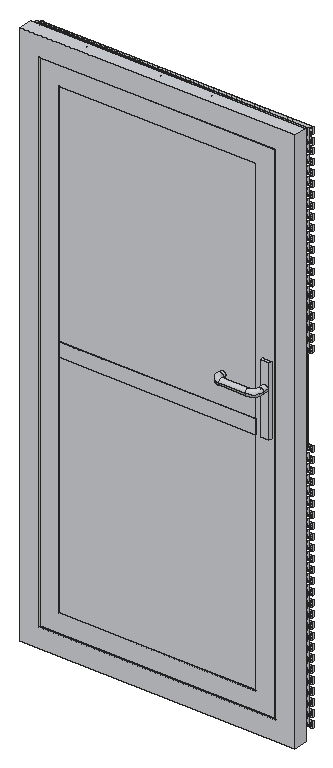
Revit family "NLRS_31_DO_WB_HF40-25 enkele deur-AV_jazo_jazo", category Doors, host Wall, Revit 2020
Family settings
  Host = Wall
  OmniClass Number = 23.30.10.00
  OmniClass Title = Doors
  Always vertical = Yes
  Cut with Voids When Loaded = No
  Shared = No
  Room Calculation Point = No
Parameters (values of type "TYPE CATALOG")
  URL = "www.jazo.com"
  Thickness = if(JAZO_C_forster presto kozijn, 50 mm, if(JAZO_C_aluminium kozijn, 60 mm, 50 mm))  # 50 mm
  Rough Width = NLRS_C_breedte_01  # 1010 mm
  Rough Height = NLRS_C_hoogte_01  # 2010 mm
  Operation = ""
  Negge = 41 mm
  NLRS_C_zelfsluitend = no
  NLRS_C_weerstandsklasse = "Voor specificaties of mogelijkheden, neem contact op."  # constant formula
  NLRS_C_vluchtroute = "Voor specificaties of mogelijkheden, neem contact op."  # constant formula
  NLRS_C_stelruimte = if(NLRS_C_brandwerend, 10 mm, 5 mm)  # 5 mm
  NLRS_C_rookwerendheid = "Voor specificaties of mogelijkheden, neem contact op."  # constant formula
  NLRS_C_offset_02 = if(JAZO_C_calculatie_03 < 0 mm, JAZO_C_calculatie_03 - ((NLRS_C_aantal_02 - 17) * 36 mm), NLRS_C_offset_01)  # 26.7 mm
  NLRS_C_offset_01 = if(JAZO_C_calculatie_03 > 0 mm, JAZO_C_calculatie_03 - ((NLRS_C_aantal_01 - 2) * 36 mm), 0 mm)  # 26.7 mm
  NLRS_C_offset = Negge  # 41 mm
  NLRS_C_merk = "Voor specificaties of mogelijkheden, neem contact op."  # constant formula
  NLRS_C_leverancier_url = "www.jazo.com"  # constant formula
  NLRS_C_leverancier_telefoonnummer = "+31 316 - 59 29 11"  # constant formula
  NLRS_C_leverancier_postcode = "6905 DJ"  # constant formula
  NLRS_C_leverancier_plaats = "Zevenaar"  # constant formula
  NLRS_C_leverancier_email = "info@jazo.com"  # constant formula
  NLRS_C_leverancier_bedrijfsnaam = "JAZO Zevenaar bv"  # constant formula
  NLRS_C_leverancier_adres = "Handelsdwarsstraat 10"  # constant formula
  NLRS_C_lengte_02 = if(JAZO_C_calculatie_02 < (17 * 36 mm), JAZO_C_calculatie_02, (17 * 36 mm))  # 612 mm
  NLRS_C_lengte_01 = if(JAZO_C_calculatie_01 > (2 * 36 mm), JAZO_C_calculatie_01, (2 * 36 mm))  # 134.7 mm
  NLRS_C_inbraakwerend = no
  NLRS_C_hoogte_min = if(JAZO_C_forster presto kozijn, if(and(NLRS_C_brandwerend, NLRS_C_inbraakwerend), 2050 mm, if(NLRS_C_inbraakwerend, 2050 mm, if(NLRS_C_brandwerend, 2000 mm, 1850 mm))), if(JAZO_C_aluminium kozijn, 1850 mm, 1850 mm))  # 1850 mm
  NLRS_C_hoogte_max = if(JAZO_C_forster presto kozijn, if(NLRS_C_inbraakwerend, 2640 mm, 3000 mm), if(JAZO_C_aluminium kozijn, if(NLRS_C_inbraakwerend, 2645 mm, 3200 mm), 2000 mm))  # 3000 mm
  NLRS_C_hoogte_01 = NLRS_C_hoogte + (NLRS_C_stelruimte * 2)  # 2010 mm
  NLRS_C_hoogte = if(Height < NLRS_C_hoogte_min, NLRS_C_hoogte_min, if(Height > NLRS_C_hoogte_max, NLRS_C_hoogte_max, Height))  # 2000 mm
  NLRS_C_geluidwering Rw = "Voor specificaties of mogelijkheden, neem contact op."  # constant formula
  NLRS_C_diepte_02 = if(JAZO_C_forster presto kozijn, 50 mm, 30 mm)  # 50 mm
  NLRS_C_diepte_01 = if(JAZO_C_forster presto kozijn, 91 mm, 101 mm)  # 91 mm
  NLRS_C_diepte = Thickness  # 50 mm
  NLRS_C_content_versie = "2.5"  # constant formula
  NLRS_C_content_revit versie = "REVIT 2020.2"  # constant formula
  NLRS_C_content_provider = "JAZO Zevenaar bv"  # constant formula
  NLRS_C_content_datum uitgifte = "17-8-2022"  # constant formula
  NLRS_C_content_datum gewijzigd = "7-11-2022"  # constant formula
  NLRS_C_content_creator = "JAZO Zevenaar bv"  # constant formula
  NLRS_C_breedte_min = 850 mm  # constant formula
  NLRS_C_breedte_max = if(JAZO_C_forster presto kozijn, if(NLRS_C_inbraakwerend, 1440 mm, 1500 mm), if(JAZO_C_aluminium kozijn, if(NLRS_C_inbraakwerend, 1661 mm, 1400 mm), 1000 mm))  # 1500 mm
  NLRS_C_breedte_01 = NLRS_C_breedte + NLRS_C_stelruimte * 2  # 1010 mm
  NLRS_C_breedte = if(Width < NLRS_C_breedte_min, NLRS_C_breedte_min, if(Width > NLRS_C_breedte_max, NLRS_C_breedte_max, Width))  # 1000 mm
  NLRS_C_brandwerend = no
  NLRS_C_aantal_02 = if(NLRS_C_hoogte < 1945.3 mm, rounddown(JAZO_C_calculatie_02 / 36 mm), 17)  # 17
  NLRS_C_aantal_01 = if(NLRS_C_hoogte > 1945.3 mm, rounddown(JAZO_C_calculatie_01 / 36 mm), 2)  # 3
  Model = "HF40-25 enkele deur"  # constant formula
  Manufacturer = "JAZO Zevenaar bv"  # constant formula
  MIN WIDTH = NLRS_C_breedte_min  # 850 mm
  MIN HEIGHT = NLRS_C_hoogte_min  # 1850 mm
  MAX WIDTH = NLRS_C_breedte_max  # 1500 mm
  MAX HEIGHT = NLRS_C_hoogte_max  # 3000 mm
  JAZO_C_ventilerend = no
  JAZO_C_paniekfunctie = no
  JAZO_C_opbouwrooster HF40 25 = if(or(JAZO_C_aluminium kozijn, JAZO_C_forster presto kozijn), 1 < 2, 2 < 1)  # yes
  JAZO_C_niet ventilerend = yes
  JAZO_C_materiaal schoep = none
  JAZO_C_materiaal scharnier = none
  JAZO_C_materiaal forster presto sandwichpaneel = none
  JAZO_C_materiaal forster presto kozijn = none
  JAZO_C_materiaal forster presto deurprofiel = none
  JAZO_C_materiaal beslag = none
  JAZO_C_materiaal aluminium planken = none
  JAZO_C_materiaal aluminium kozijn = none
  JAZO_C_forster presto kozijn = yes
  JAZO_C_dagmaat hoogte = if(JAZO_C_forster presto kozijn, NLRS_C_hoogte - 70 mm - 70 mm, if(JAZO_C_aluminium kozijn, NLRS_C_hoogte - 52 mm - 52 mm, 0 mm))  # 1860 mm
  JAZO_C_dagmaat breedte = if(JAZO_C_forster presto kozijn, NLRS_C_breedte - 70 mm - 70 mm, if(JAZO_C_aluminium kozijn, NLRS_C_breedte - 52 mm - 52 mm, 0 mm))  # 860 mm
  JAZO_C_calculatie_03 = (NLRS_C_hoogte - JAZO_C_calculatie_01 - JAZO_C_calculatie_02 - 51.2 mm - 36 mm - 216 mm - 216 mm - 108 mm - 324 mm - 216 mm - 72 mm - 22.1 mm + 8 mm) * -1  # 62.7 mm
  JAZO_C_calculatie_02 = NLRS_C_hoogte - (2 mm * 36) - 51.2 mm - 36 mm - 216 mm - 216 mm - 108 mm - 324 mm - 216 mm - 72 mm - 22.1 mm + 8 mm  # 674.7 mm
  JAZO_C_calculatie_01 = NLRS_C_hoogte - (17 mm * 36) - 51.2 mm - 36 mm - 216 mm - 216 mm - 108 mm - 324 mm - 216 mm - 72 mm - 22.1 mm + 8 mm  # 134.7 mm
  JAZO_C_aluminium kozijn = no
  Function = Exterior
  Height = 2000 mm
  Wall Closure = By host
  Width = 1000 mm
  Description = "HF40-25 enkele deur"  # constant formula
  Define Thermal Properties by = User Defined
  Construction Type = "Voor specificaties of mogelijkheden, neem contact op."  # constant formula
  Assembly Code = "23.30.10.00"
  Analytic Construction = "<None>"
Reference planes
  plane 1 "Center (Front/Back)": y = 0
  plane 2 "Center (Left/Right)": x = 0
  plane 3 "Left": x = -500
  plane 4 "Right": x = 500
  plane 5 "Top": z = 2005
  plane 6 "Exterior": y = 75
  plane 7 "Interior": y = -75
  plane 8 "stelruimte r": x = 505
  plane 9 "stelruimte l": x = -505
  plane 10 "stelruimte b": z = 2010
  plane 11 "stelruimte o": z = 5
  plane 12 "center kozijn": y = 9
  plane 13 "Center": z = 1005
  plane 14 "voorkant kozijn": y = 34
  plane 15 "achterkant kozijn": y = -16
  plane 16 "start_schoep": z = 1998.2
  plane 17 "sectie 2": z = 1695
  plane 18 "sectie 3": z = 1560.3
  plane 19 "sectie 4": z = 1344.3
  plane 20 "sectie 5": z = 1236.3
  plane 21 "sectie 6": z = 912.3
  plane 22 "sectie 7": z = 300.3
  plane 23 "sectie 8": z = 84.3
  plane 24 "sectie 9": z = 12.3
  plane 25 "sectie 1A": z = 1947
  plane 26 "offset sectie 3": z = 1587
  plane 27 "offset sectie 4": z = 1371
  plane 28 "offset sectie 5": z = 1263
  plane 29 "offset sectie 6": z = 939
  plane 30 "offset sectie 7": z = 327
  plane 31 "offset sectie 8": z = 111
  plane 32 "voorkant schoep": y = 75
  plane 33 "center kozijn + schoep": y = 29.5
  plane 34 "sectie 1": z = 1911
Lines and regions (mm)
  Opening 1
    outline origin (-3161.91, -75, 0) x (1, 0, 0) y (0, 0, 1)
      loop
        line (2656.91, 0) -> (3666.91, 0) -> (3666.91, 2010) -> (2656.91, 2010) -> (2656.91, 0)
  symbolic lines, style "Swing Elevation"
    curve 1: line (500, -75, 1005) -> (-500, -75, 2005)
    curve 2: line (500, -75, 1005) -> (-500, -75, 0)
Text (mm)
  text "Exterior" at (-2295.016, 1099.543, 0), in view "Ref. Level"
  text "Exterior" at (0, 1615.38, 3698.081), in view "Left"
  text "Exterior" at (0, 1036.032, 3874.932), in view "Right"
Dimensions and locks
  equal spacing: plane 9 "stelruimte l", plane 2 "Center (Left/Right)", plane 8 "stelruimte r"
  "NLRS_C_breedte": plane 3 "Left" to plane 4 "Right"
  "NLRS_C_hoogte": plane 5 "Top" to plane 11 "stelruimte o"
  "NLRS_C_hoogte_01": host wall to plane 10 "stelruimte b"
  locked: plane 6 "Exterior" to host wall
  locked: plane 7 "Interior" to host wall
  "NLRS_C_breedte_01": plane 9 "stelruimte l" to plane 8 "stelruimte r"
  equal spacing: plane 3 "Left", plane 2 "Center (Left/Right)", plane 4 "Right"
  equal spacing: plane 11 "stelruimte o", plane 13 "Center", plane 5 "Top"
  "NLRS_C_stelruimte": level to plane 11 "stelruimte o"
  locked: plane 16 "start_schoep" to plane 5 "Top" at 6.8
  locked: plane 25 "sectie 1A" to plane 16 "start_schoep" at 51.2
  locked: plane 17 "sectie 2" to plane 34 "sectie 1" at 216
  "NLRS_C_lengte_01": plane 18 "sectie 3" to plane 17 "sectie 2"
  locked: plane 19 "sectie 4" to plane 18 "sectie 3" at 216
  locked: plane 20 "sectie 5" to plane 19 "sectie 4" at 108
  locked: plane 21 "sectie 6" to plane 20 "sectie 5" at 324
  "NLRS_C_lengte_02": plane 22 "sectie 7" to plane 21 "sectie 6"
  locked: plane 23 "sectie 8" to plane 22 "sectie 7" at 216
  locked: plane 24 "sectie 9" to plane 23 "sectie 8" at 72
  "NLRS_C_offset_01": plane 18 "sectie 3" to plane 26 "offset sectie 3"
  "NLRS_C_offset_01": plane 19 "sectie 4" to plane 27 "offset sectie 4"
  "NLRS_C_offset_01": plane 20 "sectie 5" to plane 28 "offset sectie 5"
  "NLRS_C_offset_01": plane 21 "sectie 6" to plane 29 "offset sectie 6"
  "NLRS_C_offset_02": plane 22 "sectie 7" to plane 30 "offset sectie 7"
  "NLRS_C_offset_02": plane 23 "sectie 8" to plane 31 "offset sectie 8"
  equal spacing: plane 14 "voorkant kozijn", plane 12 "center kozijn", plane 15 "achterkant kozijn"
  "NLRS_C_diepte": plane 14 "voorkant kozijn" to plane 15 "achterkant kozijn"
  "NLRS_C_diepte_01": plane 32 "voorkant schoep" to plane 15 "achterkant kozijn"
  equal spacing: plane 32 "voorkant schoep", plane 33 "center kozijn + schoep", plane 15 "achterkant kozijn"
  "NLRS_C_offset": plane 14 "voorkant kozijn" to plane 6 "Exterior"
  locked: plane 34 "sectie 1" to plane 25 "sectie 1A" at 36
  locked: plane 17 "sectie 2" to nested 12 at 10.4
  locked: plane 27 "offset sectie 4" to nested 11 at 10.4
  locked: plane 31 "offset sectie 8" to nested 10 at 10.4
  locked: plane 31 "offset sectie 8" to nested 13 at 10.4
  locked: plane 27 "offset sectie 4" to nested 14 at 10.4
  locked: plane 17 "sectie 2" to nested 15 at 10.4
  equal spacing: group 1, group 2, group 3, group 4, group 5, group 6  (x2)
  equal spacing: group 6, group 5, group 4, group 3, group 2, group 1
  locked: plane 34 "sectie 1" to nested 19 at 36
  equal spacing: group 7, group 8, group 51  (x2)
  equal spacing: group 51, group 8, group 7
  locked: plane 17 "sectie 2" to nested 25 at 36
  equal spacing: group 9, group 10, group 11, group 12, group 13, group 14  (x2)
  equal spacing: group 14, group 13, group 12, group 11, group 10, group 9
  locked: plane 26 "offset sectie 3" to nested 27 at 36
  equal spacing: group 15, group 16, group 17  (x2)
  equal spacing: group 17, group 16, group 15
  locked: plane 27 "offset sectie 4" to nested 33 at 36
  equal spacing: group 18, group 19, group 20, group 21, group 22, group 23, group 24, group 25, group 26  (x2)
  equal spacing: group 26, group 25, group 24, group 23, group 22, group 21, group 20, group 19, group 18
  locked: plane 28 "offset sectie 5" to nested 36 at 36
  equal spacing: group 27, group 28, group 29, group 30, group 31, group 32, group 33, group 34, group 35, group 36, group 37, group 38, group 39, group 40, group 41, group 42, group 52  (x2)
  equal spacing: group 52, group 42, group 41, group 40, group 39, group 38, group 37, group 36, group 35, group 34, group 33, group 32, group 31, group 30, group 29, group 28, group 27
  locked: plane 29 "offset sectie 6" to nested 45 at 36
  equal spacing: group 43, group 44, group 45, group 46, group 47, group 48  (x2)
  equal spacing: group 48, group 47, group 46, group 45, group 44, group 43
  locked: plane 30 "offset sectie 7" to nested 61 at 36
  group 49 to group 50 = 0 mm  (x2)
  group 50 to group 49 = 36 mm
  locked: plane 31 "offset sectie 8" to nested 67 at 36
  locked: plane 29 "offset sectie 6" to nested 70 at 210.723
  aligned and locked: Opening 1 sketch curve to level
  aligned and locked: plane 1 "Center (Front/Back)" to host wall
  aligned and locked: Opening 1 sketch curve to plane 9 "stelruimte l"
  aligned and locked: plane 10 "stelruimte b" to Opening 1 sketch curve
  aligned and locked: Opening 1 sketch curve to plane 8 "stelruimte r"
  aligned and locked: plane 2 "Center (Left/Right)" to nested 1
  aligned and locked: nested 1 to plane 12 "center kozijn"
  aligned and locked: nested 1 to plane 5 "Top"
  aligned and locked: plane 2 "Center (Left/Right)" to nested 2
  aligned and locked: nested 2 to plane 12 "center kozijn"
  aligned and locked: nested 3 to plane 12 "center kozijn"
  aligned and locked: plane 2 "Center (Left/Right)" to nested 3
  aligned and locked: plane 2 "Center (Left/Right)" to nested 4
  aligned and locked: nested 4 to plane 12 "center kozijn"
  aligned and locked: nested 5 to plane 12 "center kozijn"
  aligned and locked: plane 2 "Center (Left/Right)" to nested 5
  aligned and locked: nested 3 to plane 5 "Top"
  aligned and locked: nested 5 to plane 5 "Top"
  aligned and locked: plane 2 "Center (Left/Right)" to nested 6
  aligned and locked: nested 6 to plane 33 "center kozijn + schoep"
  aligned and locked: plane 2 "Center (Left/Right)" to nested 7
  aligned and locked: nested 7 to plane 33 "center kozijn + schoep"
  aligned and locked: plane 13 "Center" to nested 4
  aligned and locked: plane 4 "Right" to nested 8
  aligned and locked: nested 8 to plane 32 "voorkant schoep"
  aligned and locked: nested 9 to plane 14 "voorkant kozijn"
  aligned and locked: nested 9 to plane 3 "Left"
  aligned and locked: nested 10 to plane 3 "Left"
  aligned and locked: nested 11 to plane 3 "Left"
  aligned and locked: nested 12 to plane 3 "Left"
  aligned and locked: plane 14 "voorkant kozijn" to nested 12
  aligned and locked: plane 14 "voorkant kozijn" to nested 11
  aligned and locked: plane 14 "voorkant kozijn" to nested 10
  aligned and locked: nested 13 to plane 3 "Left"
  aligned and locked: nested 14 to plane 3 "Left"
  aligned and locked: nested 15 to plane 3 "Left"
  aligned and locked: plane 14 "voorkant kozijn" to nested 13
  aligned and locked: plane 14 "voorkant kozijn" to nested 15
  aligned and locked: plane 14 "voorkant kozijn" to nested 14
  aligned and locked: plane 2 "Center (Left/Right)" to nested 16
  aligned and locked: plane 14 "voorkant kozijn" to nested 16
  aligned and locked: nested 16 to plane 16 "start_schoep"
  aligned and locked: plane 2 "Center (Left/Right)" to nested 17
  aligned and locked: plane 14 "voorkant kozijn" to nested 17
  aligned and locked: nested 17 to plane 25 "sectie 1A"
  aligned and locked: plane 2 "Center (Left/Right)" to nested 18
  aligned and locked: plane 14 "voorkant kozijn" to nested 18
  aligned and locked: plane 34 "sectie 1" to nested 18
  aligned and locked: plane 14 "voorkant kozijn" to nested 19
  aligned and locked: plane 2 "Center (Left/Right)" to nested 24
  aligned and locked: plane 14 "voorkant kozijn" to nested 24
  aligned and locked: nested 24 to plane 17 "sectie 2"
  aligned and locked: plane 14 "voorkant kozijn" to nested 25
  aligned and locked: plane 2 "Center (Left/Right)" to nested 26
  aligned and locked: plane 14 "voorkant kozijn" to nested 26
  aligned and locked: nested 26 to plane 26 "offset sectie 3"
  aligned and locked: plane 14 "voorkant kozijn" to nested 27
  aligned and locked: plane 2 "Center (Left/Right)" to nested 32
  aligned and locked: plane 14 "voorkant kozijn" to nested 32
  aligned and locked: nested 32 to plane 27 "offset sectie 4"
  aligned and locked: plane 14 "voorkant kozijn" to nested 33
  aligned and locked: plane 2 "Center (Left/Right)" to nested 35
  aligned and locked: plane 14 "voorkant kozijn" to nested 35
  aligned and locked: nested 35 to plane 28 "offset sectie 5"
  aligned and locked: plane 14 "voorkant kozijn" to nested 36
  aligned and locked: plane 2 "Center (Left/Right)" to nested 44
  aligned and locked: plane 14 "voorkant kozijn" to nested 44
  aligned and locked: nested 44 to plane 29 "offset sectie 6"
  aligned and locked: plane 14 "voorkant kozijn" to nested 45
  aligned and locked: plane 2 "Center (Left/Right)" to nested 60
  aligned and locked: plane 14 "voorkant kozijn" to nested 60
  aligned and locked: nested 60 to plane 30 "offset sectie 7"
  aligned and locked: plane 14 "voorkant kozijn" to nested 61
  aligned and locked: plane 2 "Center (Left/Right)" to nested 66
  aligned and locked: plane 14 "voorkant kozijn" to nested 66
  aligned and locked: nested 66 to plane 31 "offset sectie 8"
  aligned and locked: plane 14 "voorkant kozijn" to nested 67
  aligned and locked: nested 70 to plane 4 "Right"
  aligned and locked: nested 70 to plane 14 "voorkant kozijn"
  aligned and locked: nested 2 to plane 5 "Top"
  aligned and locked: nested 71 to plane 3 "Left"
  aligned and locked: nested 71 to plane 4 "Right"
  aligned and locked: plane 14 "voorkant kozijn" to nested 71
  aligned and locked: plane 2 "Center (Left/Right)" to nested 72
  aligned and locked: nested 72 to plane 33 "center kozijn + schoep"
Automatic sketch dimensions
  plane 4 "Right" to curve 2 = 0 mm
  curve 2 to level = 0 mm
  curve 2 to plane 13 "Center" = 0 mm
  plane 3 "Left" to curve 1 = 0 mm
  curve 1 to plane 5 "Top" = 0 mm
  plane 3 "Left" to curve 2 = 0 mm
Nested families
  nested 1: "NLRS_31_GM_UN_forster presto kozijn-AV" at (0, 9, 5), type "forster presto kozijn"
    with NLRS_C_breedte 1000 mm
  nested 2: "NLRS_31_GM_UN_aluminium kozijn-AV" at (0, 9, 5), type "aluminium kozijn"
  nested 3: "NLRS_31_GM_UN_forster presto deurprofiel-AV" at (0, 9, 5), type "forster presto deurprofiel"
  nested 4: "NLRS_31_GM_UN_forster presto sandwichpaneel opbouwroosters-AV" at (0, 9, 5), type "forster presto sandiwchpaneel opbouwroosters"
    with NLRS_C_zichtbaar_02 no, NLRS_C_breedte_01 720 mm, NLRS_C_breedte 1000 mm, NLRS_C_brandwerend no, JAZO_C_ventilerend no, JAZO_C_niet ventilerend yes
  nested 5: "NLRS_31_GM_UN_aluminium planken opbouwroosters-AV" at (0, 24.008, 5), type "aluminium planken"
    with NLRS_C_zichtbaar_01 no, NLRS_C_hoogte_04 759.5 mm, NLRS_C_hoogte_03 755.5 mm, NLRS_C_hoogte_02 1930 mm, NLRS_C_hoogte 2000 mm, NLRS_C_breedte_03 742 mm, NLRS_C_breedte_02 753 mm, NLRS_C_breedte_01 952 mm, NLRS_C_breedte 1000 mm, NLRS_C_aantal_02 38, NLRS_C_aantal_01 38, JAZO_C_aluminium kozijn no
  nested 6: "NLRS_31_DI_UN_markering" at (0, 29.5, 0), type "markering"
  nested 7: "NLRS_31_GA_UN_error message" at (0, 29.5, 0), type "error message"
    with NLRS_C_zichtbaar_10 no, NLRS_C_zichtbaar_05 no, NLRS_C_hoogte_max 3000 mm, NLRS_C_hoogte 2000 mm, NLRS_C_breedte_max 1500 mm, NLRS_C_brandwerend no, JAZO_C_aluminium kozijn no
  nested 8: "NLRS_31_DI_UN_beslagbak detail HS27R" at (401, 75, 0), type "beslagbak detail HS27R"
  nested 9: "NLRS_31_DI_UN_scharnier detail HS27R" at (-500, 34, 0), type "scharnier detail HS27R"
    with JAZO_C_forster presto kozijn yes, JAZO_C_aluminium kozijn no
  nested 10: "NLRS_31_GM_UN_scharnier staal HS27R-AV" at (-480, 68, 121.4), type "scharnier staal HS27R"
  nested 11: "NLRS_31_GM_UN_scharnier staal HS27R-AV" at (-480, 68, 1381.4), type "scharnier staal HS27R"
  nested 12: "NLRS_31_GM_UN_scharnier staal HS27R-AV" at (-480, 68, 1705.4), type "scharnier staal HS27R"
  nested 13: "NLRS_31_GM_UN_scharnier aluminium HS27R-AV" at (-480, 75.5, 121.4), type "scharnier aluminium HS27R"
    with JAZO_C_aluminium kozijn no
  nested 14: "NLRS_31_GM_UN_scharnier aluminium HS27R-AV" at (-480, 75.5, 1381.4), type "scharnier aluminium HS27R"
    with JAZO_C_aluminium kozijn no
  nested 15: "NLRS_31_GM_UN_scharnier aluminium HS27R-AV" at (-480, 75.5, 1705.4), type "scharnier aluminium HS27R"
    with JAZO_C_aluminium kozijn no
  nested 16: "NLRS_31_GM_UN_HF40-45 start schoep-AV" at (0, 60, 1931.753), NLRS_C_breedte <- "NLRS_C_breedte", type "HF40-45 start schoep"
    with NLRS_C_breedte 1000 mm
  nested 17: "NLRS_31_GM_UN_HF40-45 schoep-AV" at (0, 60, 1903.653), NLRS_C_breedte <- "NLRS_C_breedte", type "HF40-45 schoep"
    with NLRS_C_breedte 1000 mm
  nested 18: "NLRS_31_GM_UN_HF40-45 scharnier schoep-AV" at (0, 60, 1867.653), NLRS_C_breedte <- "NLRS_C_breedte", type "HF40-45 scharnier schoep"
    with NLRS_C_breedte 1000 mm
  nested 19: "NLRS_31_GM_UN_HF40-45 scharnier schoep-AV" at (0, 60, 1831.653), NLRS_C_breedte <- "NLRS_C_breedte", type "HF40-45 scharnier schoep"
    with NLRS_C_breedte 1000 mm
  nested 20: "NLRS_31_GM_UN_HF40-45 scharnier schoep-AV" at (0, 60, 1795.653), NLRS_C_breedte <- "NLRS_C_breedte", type "HF40-45 scharnier schoep"
    with NLRS_C_breedte 1000 mm
  nested 21: "NLRS_31_GM_UN_HF40-45 scharnier schoep-AV" at (0, 60, 1759.653), NLRS_C_breedte <- "NLRS_C_breedte", type "HF40-45 scharnier schoep"
    with NLRS_C_breedte 1000 mm
  nested 22: "NLRS_31_GM_UN_HF40-45 scharnier schoep-AV" at (0, 60, 1723.653), NLRS_C_breedte <- "NLRS_C_breedte", type "HF40-45 scharnier schoep"
    with NLRS_C_breedte 1000 mm
  nested 23: "NLRS_31_GM_UN_HF40-45 scharnier schoep-AV" at (0, 60, 1687.653), NLRS_C_breedte <- "NLRS_C_breedte", type "HF40-45 scharnier schoep"
    with NLRS_C_breedte 1000 mm
  nested 24: "NLRS_31_GM_UN_HF40-45 schoep-AV" at (0, 60, 1651.653), NLRS_C_breedte <- "NLRS_C_breedte", type "HF40-45 schoep"
    with NLRS_C_breedte 1000 mm
  nested 25: "NLRS_31_GM_UN_HF40-45 schoep-AV" at (0, 60, 1615.653), NLRS_C_breedte <- "NLRS_C_breedte", type "HF40-45 schoep"
    with NLRS_C_breedte 1000 mm
  nested 26: "NLRS_31_GM_UN_HF40-45 scharnier schoep-AV" at (0, 60, 1543.653), NLRS_C_breedte <- "NLRS_C_breedte", type "HF40-45 scharnier schoep"
    with NLRS_C_breedte 1000 mm
  nested 27: "NLRS_31_GM_UN_HF40-45 scharnier schoep-AV" at (0, 60, 1507.653), NLRS_C_breedte <- "NLRS_C_breedte", type "HF40-45 scharnier schoep"
    with NLRS_C_breedte 1000 mm
  nested 28: "NLRS_31_GM_UN_HF40-45 scharnier schoep-AV" at (0, 60, 1471.653), NLRS_C_breedte <- "NLRS_C_breedte", type "HF40-45 scharnier schoep"
    with NLRS_C_breedte 1000 mm
  nested 29: "NLRS_31_GM_UN_HF40-45 scharnier schoep-AV" at (0, 60, 1435.653), NLRS_C_breedte <- "NLRS_C_breedte", type "HF40-45 scharnier schoep"
    with NLRS_C_breedte 1000 mm
  nested 30: "NLRS_31_GM_UN_HF40-45 scharnier schoep-AV" at (0, 60, 1399.653), NLRS_C_breedte <- "NLRS_C_breedte", type "HF40-45 scharnier schoep"
    with NLRS_C_breedte 1000 mm
  nested 31: "NLRS_31_GM_UN_HF40-45 scharnier schoep-AV" at (0, 60, 1363.653), NLRS_C_breedte <- "NLRS_C_breedte", type "HF40-45 scharnier schoep"
    with NLRS_C_breedte 1000 mm
  nested 32: "NLRS_31_GM_UN_HF40-45 schoep-AV" at (0, 60, 1327.653), NLRS_C_breedte <- "NLRS_C_breedte", type "HF40-45 schoep"
    with NLRS_C_breedte 1000 mm
  nested 33: "NLRS_31_GM_UN_HF40-45 schoep-AV" at (0, 60, 1291.653), NLRS_C_breedte <- "NLRS_C_breedte", type "HF40-45 schoep"
    with NLRS_C_breedte 1000 mm
  nested 34: "NLRS_31_GM_UN_HF40-45 schoep-AV" at (0, 60, 1255.653), NLRS_C_breedte <- "NLRS_C_breedte", type "HF40-45 schoep"
    with NLRS_C_breedte 1000 mm
  nested 35: "NLRS_31_GM_UN_HF40-45 beslag schoep-AV" at (0, 60, 1219.653), NLRS_C_breedte <- "NLRS_C_breedte", type "HF40-45 beslag schoep"
    with NLRS_C_breedte 1000 mm
  nested 36: "NLRS_31_GM_UN_HF40-45 beslag schoep-AV" at (0, 60, 1183.653), NLRS_C_breedte <- "NLRS_C_breedte", type "HF40-45 beslag schoep"
    with NLRS_C_breedte 1000 mm
  nested 37: "NLRS_31_GM_UN_HF40-45 beslag schoep-AV" at (0, 60, 1147.653), NLRS_C_breedte <- "NLRS_C_breedte", type "HF40-45 beslag schoep"
    with NLRS_C_breedte 1000 mm
  nested 38: "NLRS_31_GM_UN_HF40-45 beslag schoep-AV" at (0, 60, 1111.653), NLRS_C_breedte <- "NLRS_C_breedte", type "HF40-45 beslag schoep"
    with NLRS_C_breedte 1000 mm
  nested 39: "NLRS_31_GM_UN_HF40-45 beslag schoep-AV" at (0, 60, 1075.653), NLRS_C_breedte <- "NLRS_C_breedte", type "HF40-45 beslag schoep"
    with NLRS_C_breedte 1000 mm
  nested 40: "NLRS_31_GM_UN_HF40-45 beslag schoep-AV" at (0, 60, 1039.653), NLRS_C_breedte <- "NLRS_C_breedte", type "HF40-45 beslag schoep"
    with NLRS_C_breedte 1000 mm
  nested 41: "NLRS_31_GM_UN_HF40-45 beslag schoep-AV" at (0, 60, 1003.653), NLRS_C_breedte <- "NLRS_C_breedte", type "HF40-45 beslag schoep"
    with NLRS_C_breedte 1000 mm
  nested 42: "NLRS_31_GM_UN_HF40-45 beslag schoep-AV" at (0, 60, 967.653), NLRS_C_breedte <- "NLRS_C_breedte", type "HF40-45 beslag schoep"
    with NLRS_C_breedte 1000 mm
  nested 43: "NLRS_31_GM_UN_HF40-45 beslag schoep-AV" at (0, 60, 931.653), NLRS_C_breedte <- "NLRS_C_breedte", type "HF40-45 beslag schoep"
    with NLRS_C_breedte 1000 mm
  nested 44: "NLRS_31_GM_UN_HF40-45 schoep-AV" at (0, 60, 895.653), NLRS_C_breedte <- "NLRS_C_breedte", type "HF40-45 schoep"
    with NLRS_C_breedte 1000 mm
  nested 45: "NLRS_31_GM_UN_HF40-45 schoep-AV" at (0, 60, 859.653), NLRS_C_breedte <- "NLRS_C_breedte", type "HF40-45 schoep"
    with NLRS_C_breedte 1000 mm
  nested 46: "NLRS_31_GM_UN_HF40-45 schoep-AV" at (0, 60, 823.653), NLRS_C_breedte <- "NLRS_C_breedte", type "HF40-45 schoep"
    with NLRS_C_breedte 1000 mm
  nested 47: "NLRS_31_GM_UN_HF40-45 schoep-AV" at (0, 60, 787.653), NLRS_C_breedte <- "NLRS_C_breedte", type "HF40-45 schoep"
    with NLRS_C_breedte 1000 mm
  nested 48: "NLRS_31_GM_UN_HF40-45 schoep-AV" at (0, 60, 751.653), NLRS_C_breedte <- "NLRS_C_breedte", type "HF40-45 schoep"
    with NLRS_C_breedte 1000 mm
  nested 49: "NLRS_31_GM_UN_HF40-45 schoep-AV" at (0, 60, 715.653), NLRS_C_breedte <- "NLRS_C_breedte", type "HF40-45 schoep"
    with NLRS_C_breedte 1000 mm
  nested 50: "NLRS_31_GM_UN_HF40-45 schoep-AV" at (0, 60, 679.653), NLRS_C_breedte <- "NLRS_C_breedte", type "HF40-45 schoep"
    with NLRS_C_breedte 1000 mm
  nested 51: "NLRS_31_GM_UN_HF40-45 schoep-AV" at (0, 60, 643.653), NLRS_C_breedte <- "NLRS_C_breedte", type "HF40-45 schoep"
    with NLRS_C_breedte 1000 mm
  nested 52: "NLRS_31_GM_UN_HF40-45 schoep-AV" at (0, 60, 607.653), NLRS_C_breedte <- "NLRS_C_breedte", type "HF40-45 schoep"
    with NLRS_C_breedte 1000 mm
  nested 53: "NLRS_31_GM_UN_HF40-45 schoep-AV" at (0, 60, 571.653), NLRS_C_breedte <- "NLRS_C_breedte", type "HF40-45 schoep"
    with NLRS_C_breedte 1000 mm
  nested 54: "NLRS_31_GM_UN_HF40-45 schoep-AV" at (0, 60, 535.653), NLRS_C_breedte <- "NLRS_C_breedte", type "HF40-45 schoep"
    with NLRS_C_breedte 1000 mm
  nested 55: "NLRS_31_GM_UN_HF40-45 schoep-AV" at (0, 60, 499.653), NLRS_C_breedte <- "NLRS_C_breedte", type "HF40-45 schoep"
    with NLRS_C_breedte 1000 mm
  nested 56: "NLRS_31_GM_UN_HF40-45 schoep-AV" at (0, 60, 463.653), NLRS_C_breedte <- "NLRS_C_breedte", type "HF40-45 schoep"
    with NLRS_C_breedte 1000 mm
  nested 57: "NLRS_31_GM_UN_HF40-45 schoep-AV" at (0, 60, 427.653), NLRS_C_breedte <- "NLRS_C_breedte", type "HF40-45 schoep"
    with NLRS_C_breedte 1000 mm
  nested 58: "NLRS_31_GM_UN_HF40-45 schoep-AV" at (0, 60, 391.653), NLRS_C_breedte <- "NLRS_C_breedte", type "HF40-45 schoep"
    with NLRS_C_breedte 1000 mm
  nested 59: "NLRS_31_GM_UN_HF40-45 schoep-AV" at (0, 60, 355.653), NLRS_C_breedte <- "NLRS_C_breedte", type "HF40-45 schoep"
    with NLRS_C_breedte 1000 mm
  nested 60: "NLRS_31_GM_UN_HF40-45 scharnier schoep-AV" at (0, 60, 283.653), NLRS_C_breedte <- "NLRS_C_breedte", type "HF40-45 scharnier schoep"
    with NLRS_C_breedte 1000 mm
  nested 61: "NLRS_31_GM_UN_HF40-45 scharnier schoep-AV" at (0, 60, 247.653), NLRS_C_breedte <- "NLRS_C_breedte", type "HF40-45 scharnier schoep"
    with NLRS_C_breedte 1000 mm
  nested 62: "NLRS_31_GM_UN_HF40-45 scharnier schoep-AV" at (0, 60, 211.653), NLRS_C_breedte <- "NLRS_C_breedte", type "HF40-45 scharnier schoep"
    with NLRS_C_breedte 1000 mm
  nested 63: "NLRS_31_GM_UN_HF40-45 scharnier schoep-AV" at (0, 60, 175.653), NLRS_C_breedte <- "NLRS_C_breedte", type "HF40-45 scharnier schoep"
    with NLRS_C_breedte 1000 mm
  nested 64: "NLRS_31_GM_UN_HF40-45 scharnier schoep-AV" at (0, 60, 139.653), NLRS_C_breedte <- "NLRS_C_breedte", type "HF40-45 scharnier schoep"
    with NLRS_C_breedte 1000 mm
  nested 65: "NLRS_31_GM_UN_HF40-45 scharnier schoep-AV" at (0, 60, 103.653), NLRS_C_breedte <- "NLRS_C_breedte", type "HF40-45 scharnier schoep"
    with NLRS_C_breedte 1000 mm
  nested 66: "NLRS_31_GM_UN_HF40-45 schoep-AV" at (0, 60, 67.653), NLRS_C_breedte <- "NLRS_C_breedte", type "HF40-45 schoep"
    with NLRS_C_breedte 1000 mm
  nested 67: "NLRS_31_GM_UN_HF40-45 schoep-AV" at (0, 60, 31.653), NLRS_C_breedte <- "NLRS_C_breedte", type "HF40-45 schoep"
    with NLRS_C_breedte 1000 mm
  nested 68: "NLRS_31_GM_UN_HF40-45 schoep-AV" at (0, 60, 1579.653), NLRS_C_breedte <- "NLRS_C_breedte", type "HF40-45 schoep"
    with NLRS_C_breedte 1000 mm
  nested 69: "NLRS_31_GM_UN_HF40-45 schoep-AV" at (0, 60, 319.653), NLRS_C_breedte <- "NLRS_C_breedte", type "HF40-45 schoep"
    with NLRS_C_breedte 1000 mm
  nested 70: "NLRS_31_GM_UN_beslagbak HF40-25-AV" at (401, 45, 929.723), type "beslagbak HF40-25"
  nested 71: "NLRS_31_GM_UN_door swing" at (-500, 34, 0) x (-1, 0, 0) z (0, 0, 1), NLRS_C_breedte <- "NLRS_C_breedte", type "door swing"
    with NLRS_C_hoek 90.00°, NLRS_C_breedte 1000 mm
  nested 72: "NLRS_31_GA_UN_error message paniekfunctie" at (0, 29.5, 0), type "error message"
    with NLRS_C_zichtbaar_01 no, NLRS_C_inbraakwerend no, JAZO_C_ventilerend no, JAZO_C_paniekfunctie no
Definition of nested family "NLRS_31_GM_UN_forster presto kozijn-AV"
  Parameters (values of type "forster presto kozijn")
    URL = "www.jazo.com"
    NLRS_C_zichtbaar_01 = yes
    NLRS_C_materiaal = none
    NLRS_C_hoogte = 2000 mm
    NLRS_C_diepte = 50 mm  # constant formula
    NLRS_C_breedte = 2500 mm
    Model = "Forster Presto kozijn"
    Manufacturer = "JAZO Zevenaar bv"
    Description = "Forster Presto kozijn"
    Default Elevation = 0 mm
    Assembly Code = "23.30.10.11.11"
  Reference planes
    plane 1 "Center (Front/Back)": y = 0
    plane 2 "Bottom": z = 0
    plane 3 "Center (Left/Right)": x = 0
    plane 4 "Left": x = -1250
    plane 5 "Right": x = 1250
    plane 6 "Top": z = 2000
    plane 7 "voorkant kozijn": y = 25
    plane 8 "achterkant kozijn": y = -25
  Forms (mm)
    Sweep 1, solid, material <- "NLRS_C_materiaal", visible <- "NLRS_C_zichtbaar_01"
      path origin (0, 0, 0) x (1, 0, 0) y (0, 0, 1)
        loop
          line (-1250, 2000) -> (-1250, 0) -> (1250, 0) -> (1250, 2000) -> (-1250, 2000)
      profile origin (0, 0, 2000) x (0, 0, 1) y (0, -1, 0)
        loop
          line (0, -25) -> (0, 25) -> (-50, 25) -> (-70, 25) -> (-70, 22.003) -> (-50, 22.003) -> (-50, -19) -> (-36, -19) -> (-36, -25) -> (0, -25)
  Lines and regions (mm)
    symbolic lines, visible <- "NLRS_C_zichtbaar_01"
      curve 1: line (-1181.52, -25, 0) -> (1181.52, -25, 0)
      curve 2: line (-1216.25, 25, 0) -> (1216.25, 25, 0)
    symbolic lines
      curve 3: line (0, -25, 1931.52) -> (0, -25, 68.48)
      curve 4: line (0, 25, 33.75) -> (0, 25, 1966.25)
  Dimensions and locks
    "NLRS_C_hoogte": plane 6 "Top" to plane 2 "Bottom"
    "NLRS_C_diepte": plane 7 "voorkant kozijn" to plane 8 "achterkant kozijn"
    "NLRS_C_breedte": plane 4 "Left" to plane 5 "Right"
    equal spacing: plane 4 "Left", plane 3 "Center (Left/Right)", plane 5 "Right"
    aligned and locked: level to plane 2 "Bottom"
    aligned and locked: Sweep 1 to plane 8 "achterkant kozijn"
    aligned and locked: Sweep 1 to plane 7 "voorkant kozijn"
    aligned and locked: nested 1 to plane 8 "achterkant kozijn"
    aligned and locked: nested 2 to plane 8 "achterkant kozijn"
    aligned and locked: Sweep 1 sketch curve to plane 6 "Top"
    aligned and locked: Sweep 1 sketch curve to plane 4 "Left"
    aligned and locked: plane 5 "Right" to Sweep 1 sketch curve
    aligned and locked: plane 2 "Bottom" to Sweep 1 sketch curve
    aligned and locked: nested 1 to plane 4 "Left"
    aligned and locked: nested 2 to plane 5 "Right"
    aligned and locked: nested 4 to plane 6 "Top"
    aligned and locked: nested 3 to plane 2 "Bottom"
    aligned and locked: curve 1 to plane 8 "achterkant kozijn"
    aligned and locked: curve 2 to plane 7 "voorkant kozijn"
    aligned and locked: plane 8 "achterkant kozijn" to curve 3
    aligned and locked: curve 4 to plane 7 "voorkant kozijn"
  Automatic sketch dimensions
    profile plane to Sweep 1 sketch curve = 0 mm
    profile plane to Sweep 1 sketch curve = 36 mm
    Sweep 1 sketch curve to Sweep 1 sketch curve = 14 mm
    Sweep 1 sketch curve to Sweep 1 sketch curve = 0 mm
    Sweep 1 sketch curve to Sweep 1 sketch curve = 20 mm
    Sweep 1 sketch curve to plane 1 "Center (Front/Back)" = 25 mm
    Sweep 1 sketch curve to Sweep 1 sketch curve = 6 mm
    plane 1 "Center (Front/Back)" to Sweep 1 sketch curve = 22.003 mm
    Sweep 1 sketch curve to Sweep 1 sketch curve = 2.997 mm
    curve 2 to plane 4 "Left" = 33.75 mm
    curve 2 to curve 1 = 34.73 mm
    plane 5 "Right" to curve 1 = 68.48 mm
    plane 5 "Right" to curve 2 = 33.75 mm
    level to curve 4 = 33.75 mm
    curve 4 to curve 3 = 34.73 mm
    curve 3 to plane 6 "Top" = 68.48 mm
    curve 4 to plane 6 "Top" = 33.75 mm
  Nested families
    nested 1: "NLRS_31_DI_UN_forster presto kozijn detail" at (-1250, -25, 0) x (0, 1, 0) z (0, 0, 1), visible <- "NLRS_C_zichtbaar_01", type "forster presto kozijn detail"
    nested 2: "NLRS_31_DI_UN_forster presto kozijn detail" at (1250, -25, 0) x (0, 1, 0) z (0, 0, 1), visible <- "NLRS_C_zichtbaar_01", type "forster presto kozijn detail"
    nested 3: "NLRS_31_DI_UN_forster presto kozijn detail" at (0, -25, 0) x (0, 1, 0) z (1, 0, 0), visible <- "NLRS_C_zichtbaar_01", type "forster presto kozijn detail"
    nested 4: "NLRS_31_DI_UN_forster presto kozijn detail" at (0, -25, 2000) x (0, 1, 0) z (1, 0, 0), visible <- "NLRS_C_zichtbaar_01", type "forster presto kozijn detail"
  Definition of nested family "NLRS_31_DI_UN_forster presto kozijn detail"
    Parameters (values of type "forster presto kozijn detail")
      URL = "www.jazo.com"
      Manufacturer = "Jazo Zevenaar BV"
      Description = "Forster presto kozijn detail"
    Reference planes
      plane 1 "Center (Front/Back)": y = 0
      plane 2: z = 0
      plane 3 "Center (Left/Right)": x = 0
    Lines and regions (mm)
      detail lines, in view "Ref. Level"
        curve 1: line (0, 2.25, 0) -> (0, 68.48, 0)
        curve 2: arc (0, 68.48, 0) -> (1.52, 70, 0) -> (3.04, 68.48, 0) r 1.52
        curve 3: line (3.04, 68.48, 0) -> (3.04, 50.75, 0)
        curve 4: arc (3.04, 50.75, 0) -> (3.26, 50.22, 0) -> (3.79, 50, 0) r 0.75
        curve 5: line (3.79, 50, 0) -> (42.48, 50, 0)
        curve 6: arc (42.48, 50, 0) -> (43.99, 48.306, 0) -> (42.134, 47, 0) r 1.52
        curve 7: line (42.134, 47, 0) -> (37, 47, 0)
        curve 8: arc (37, 46.96, 0) -> (35.51, 45.633, 0) -> (36.656, 44, 0) r 1.5
        curve 9: line (36.656, 44, 0) -> (42.79, 44, 0)
        curve 10: arc (42.79, 44, 0) -> (44.108, 43.561, 0) -> (44.901, 42.421, 0) r 2.2
        curve 11: line (45, 42.467, 0) -> (45, 36.75, 0)
        curve 12: arc (45, 36.75, 0) -> (45.22, 36.22, 0) -> (45.75, 36, 0) r 0.75
        curve 13: line (45.75, 36, 0) -> (47.75, 36, 0)
        curve 14: arc (47.75, 36, 0) -> (49.341, 35.341, 0) -> (50, 33.75, 0) r 2.25
        curve 15: line (50, 33.75, 0) -> (50, 2.25, 0)
        curve 16: arc (50, 2.25, 0) -> (49.341, 0.659, 0) -> (47.75, 0, 0) r 2.25
        curve 17: line (47.75, 0, 0) -> (2.25, 0, 0)
        curve 18: arc (2.25, 0, 0) -> (0.659, 0.659, 0) -> (0, 2.25, 0) r 2.25
        curve 19: arc (37, 48.46, 0) -> (34, 45.46, 0) -> (37, 42.46, 0) r 3
        curve 20: line (37, 42.46, 0) -> (42.75, 42.46, 0)
        curve 21: arc (42.75, 42.46, 0) -> (43.28, 42.24, 0) -> (43.5, 41.71, 0) r 0.75
        curve 22: line (43.5, 41.71, 0) -> (43.5, 36.75, 0)
        curve 23: arc (43.5, 36.75, 0) -> (44.159, 35.159, 0) -> (45.75, 34.5, 0) r 2.25
        curve 24: line (45.75, 34.5, 0) -> (47.75, 34.5, 0)
        curve 25: arc (47.75, 34.5, 0) -> (48.28, 34.28, 0) -> (48.5, 33.75, 0) r 0.75
        curve 26: line (48.5, 33.75, 0) -> (48.5, 2.25, 0)
        curve 27: arc (48.5, 2.25, 0) -> (48.28, 1.72, 0) -> (47.75, 1.5, 0) r 0.75
        curve 28: line (47.75, 1.5, 0) -> (2.25, 1.5, 0)
        curve 29: arc (2.25, 1.5, 0) -> (1.72, 1.72, 0) -> (1.5, 2.25, 0) r 0.75
        curve 30: line (1.5, 2.25, 0) -> (1.5, 68.48, 0)
        curve 31: arc (1.54, 50.75, 0) -> (2.199, 49.159, 0) -> (3.79, 48.5, 0) r 2.25
        curve 32: line (3.79, 48.5, 0) -> (42.48, 48.5, 0)
Definition of nested family "NLRS_31_GM_UN_forster presto deurprofiel-AV"
  Parameters (values of type "forster presto deurprofiel")
    URL = "www.jazo.com"
    NLRS_C_zichtbaar_01 = yes
    NLRS_C_materiaal = none
    NLRS_C_hoogte = 2000 mm
    NLRS_C_diepte = 50 mm  # constant formula
    NLRS_C_breedte = 1000 mm
    Model = "Forster Presto deurprofiel"
    Manufacturer = "JAZO Zevenaar bv"
    Description = "Forster presto deurprofiel"
    Default Elevation = 0 mm
    Assembly Code = "23.30.10.11.11"
  Reference planes
    plane 1 "Center (Front/Back)": y = 0
    plane 2 "Bottom": z = 0
    plane 3 "Center (Left/Right)": x = 0
    plane 4 "Left": x = -500
    plane 5 "Right": x = 500
    plane 6 "Top": z = 2000
    plane 7 "voorkant kozijn": y = 25
    plane 8 "achterkant kozijn": y = -25
    plane 9 "Center (Elevation)": z = 1000
  Forms (mm)
    Sweep 1, solid, material <- "NLRS_C_materiaal", visible <- "NLRS_C_zichtbaar_01"
      path origin (0, 0, 0) x (1, 0, 0) y (0, 0, 1)
        loop
          line (-500, 2000) -> (-500, 0) -> (500, 0) -> (500, 2000) -> (-500, 2000)
      profile origin (0, 0, 2000) x (0, 0, 1) y (0, -1, 0)
        loop
          line (-40, -22) -> (-60, -22) -> (-60, 19) -> (-74, 19) -> (-74, 25) -> (-140, 25) -> (-140, -22) -> (-160, -22) -> (-160, -25) -> (-40, -25) -> (-40, -22)
  Lines and regions (mm)
    symbolic lines, visible <- "NLRS_C_zichtbaar_01"
      curve 1: line (-362.25, -25, 0) -> (362.25, -25, 0)
      curve 2: line (-341.52, 25, 0) -> (341.52, 25, 0)
      curve 3: line (0, 25, 1841.52) -> (0, 25, 158.48)
      curve 4: line (0, -25, 123.75) -> (0, -25, 1862.25)
  Dimensions and locks
    equal spacing: plane 4 "Left", plane 3 "Center (Left/Right)", plane 5 "Right"
    "NLRS_C_breedte": plane 4 "Left" to plane 5 "Right"
    "NLRS_C_hoogte": plane 6 "Top" to plane 2 "Bottom"
    locked: plane 4 "Left" to nested 1 at 60
    locked: nested 2 to plane 5 "Right" at 60
    locked: nested 3 to plane 6 "Top" at 60
    equal spacing: plane 6 "Top", plane 9 "Center (Elevation)", plane 2 "Bottom"
    locked: Sweep 1 to plane 2 "Bottom" at 60
    aligned and locked: level to plane 2 "Bottom"
    aligned and locked: Sweep 1 to plane 7 "voorkant kozijn"  (x2)
    aligned and locked: plane 8 "achterkant kozijn" to nested 3
    aligned and locked: Sweep 1 sketch curve to plane 6 "Top"
    aligned and locked: Sweep 1 sketch curve to plane 4 "Left"
    aligned and locked: plane 5 "Right" to Sweep 1 sketch curve
    aligned and locked: plane 2 "Bottom" to Sweep 1 sketch curve
    aligned and locked: curve 1 to plane 8 "achterkant kozijn"
    aligned and locked: plane 7 "voorkant kozijn" to curve 2
    aligned and locked: curve 3 to plane 7 "voorkant kozijn"
    aligned and locked: curve 4 to plane 8 "achterkant kozijn"
  Automatic sketch dimensions
    profile plane to Sweep 1 sketch curve = 160 mm
    Sweep 1 sketch curve to Sweep 1 sketch curve = 20 mm  (x2)
    Sweep 1 sketch curve to Sweep 1 sketch curve = 66 mm
    Sweep 1 sketch curve to Sweep 1 sketch curve = 14 mm
    Sweep 1 sketch curve to plane 1 "Center (Front/Back)" = 25 mm
    Sweep 1 sketch curve to Sweep 1 sketch curve = 3 mm  (x2)
    Sweep 1 sketch curve to Sweep 1 sketch curve = 41 mm
    Sweep 1 sketch curve to Sweep 1 sketch curve = 6 mm
    curve 1 to plane 4 "Left" = 137.75 mm
    curve 1 to curve 2 = 20.73 mm
    plane 5 "Right" to curve 2 = 158.48 mm
    curve 2 to curve 1 = 20.73 mm
    level to curve 4 = 123.75 mm
    curve 4 to curve 3 = 34.73 mm
    curve 3 to plane 6 "Top" = 158.48 mm
    curve 3 to curve 4 = 20.73 mm
  Nested families
    nested 1: "NLRS_31_DI_UN_forster presto deurprofiel detail" at (-460, 25, 0) x (0, -1, 0) z (0, 0, 1), visible <- "NLRS_C_zichtbaar_01", type "forster presto deurprofiel detail"
    nested 2: "NLRS_31_DI_UN_forster presto deurprofiel detail" at (460, 25, 0) x (0, -1, 0) z (0, 0, 1), visible <- "NLRS_C_zichtbaar_01", type "forster presto deurprofiel detail"
    nested 3: "NLRS_31_DI_UN_forster presto deurprofiel detail" at (0, 25, 1960) x (0, -1, 0) z (1, 0, 0), visible <- "NLRS_C_zichtbaar_01", type "forster presto deurprofiel detail"
    nested 4: "NLRS_31_DI_UN_forster presto deurprofiel detail" at (0, 25, 40) x (0, -1, 0) z (1, 0, 0), visible <- "NLRS_C_zichtbaar_01", type "forster presto deurprofiel detail"
  Definition of nested family "NLRS_31_DI_UN_forster presto deurprofiel detail"
    Parameters (values of type "forster presto deurprofiel detail")
      URL = "www.jazo.com"
      Manufacturer = "Jazo Zevenaar BV"
      Description = "Forster presto deurprofiel detail"
      Assembly Code = "23.30.10.11.11"
    Reference planes
      plane 1 "Center (Front/Back)": y = 0
      plane 2: z = 0
      plane 3 "Center (Left/Right)": x = 0
    Lines and regions (mm)
      detail lines, in view "Ref. Level"
        curve 1: line (50, 36.25, 0) -> (50, 97.75, 0)
        curve 2: arc (50, 97.75, 0) -> (49.341, 99.341, 0) -> (47.75, 100, 0) r 2.25
        curve 3: line (47.75, 100, 0) -> (3.79, 100, 0)
        curve 4: arc (3.79, 100, 0) -> (3.26, 100.22, 0) -> (3.04, 100.75, 0) r 0.75
        curve 5: line (3.04, 100.75, 0) -> (3.04, 118.48, 0)
        curve 6: arc (3.04, 118.48, 0) -> (1.52, 120, 0) -> (0, 118.48, 0) r 1.52
        curve 7: line (0, 118.48, 0) -> (0, 1.52, 0)
        curve 8: arc (0, 1.52, 0) -> (1.52, 0, 0) -> (3.04, 1.52, 0) r 1.52
        curve 9: line (3.04, 1.52, 0) -> (3.04, 19.25, 0)
        curve 10: arc (3.04, 19.25, 0) -> (3.26, 19.78, 0) -> (3.79, 20, 0) r 0.75
        curve 11: line (3.79, 20, 0) -> (42.48, 20, 0)
        curve 12: arc (42.48, 20, 0) -> (44, 21.52, 0) -> (42.48, 23.04, 0) r 1.52
        curve 13: line (42.48, 23.04, 0) -> (37, 23.04, 0)
        curve 14: arc (37, 23.04, 0) -> (35.5, 24.54, 0) -> (37, 26.04, 0) r 1.5
        curve 15: line (37, 26.04, 0) -> (42.79, 26.04, 0)
        curve 16: arc (42.79, 26.04, 0) -> (44.365, 26.703, 0) -> (45, 28.29, 0) r 2.215
        curve 17: line (45, 28.29, 0) -> (45, 33.25, 0)
        curve 18: arc (45, 33.25, 0) -> (45.22, 33.78, 0) -> (45.75, 34, 0) r 0.75
        curve 19: line (45.75, 34, 0) -> (47.75, 34, 0)
        curve 20: arc (47.75, 34, 0) -> (49.341, 34.659, 0) -> (50, 36.25, 0) r 2.25
        curve 21: arc (1.54, 19.25, 0) -> (2.199, 20.841, 0) -> (3.79, 21.5, 0) r 2.25
        curve 22: line (3.79, 21.5, 0) -> (37, 21.5, 0)
        curve 23: arc (37, 21.54, 0) -> (34, 24.54, 0) -> (37, 27.54, 0) r 3
        curve 24: line (37, 27.54, 0) -> (42.75, 27.54, 0)
        curve 25: arc (42.75, 27.54, 0) -> (43.28, 27.76, 0) -> (43.5, 28.29, 0) r 0.75
        curve 26: line (43.5, 28.29, 0) -> (43.5, 33.25, 0)
        curve 27: arc (43.5, 33.25, 0) -> (44.159, 34.841, 0) -> (45.75, 35.5, 0) r 2.25
        curve 28: line (45.75, 35.5, 0) -> (47.75, 35.5, 0)
        curve 29: arc (47.75, 35.5, 0) -> (48.28, 35.72, 0) -> (48.5, 36.25, 0) r 0.75
        curve 30: line (48.5, 36.25, 0) -> (48.5, 97.75, 0)
        curve 31: arc (48.5, 97.75, 0) -> (48.28, 98.28, 0) -> (47.75, 98.5, 0) r 0.75
        curve 32: line (47.75, 98.5, 0) -> (3.79, 98.5, 0)
        curve 33: arc (3.79, 98.5, 0) -> (2.199, 99.159, 0) -> (1.54, 100.75, 0) r 2.25
        curve 34: line (37, 21.5, 0) -> (42.48, 21.52, 0)
        curve 35: line (37, 21.54, 0) -> (42.48, 21.52, 0)
        curve 36: line (1.52, 1.52, 0) -> (1.52, 118.48, 0)
Definition of nested family "NLRS_31_GM_UN_forster presto sandwichpaneel opbouwroosters-AV"
  Parameters (values of type "forster presto sandiwchpaneel opbouwroosters")
    URL = "www.jazo.com"
    NLRS_C_zichtbaar_02 = if(JAZO_C_forster presto kozijn, if(and(NLRS_C_inbraakwerend, JAZO_C_ventilerend), 1 < 2, if(and(NLRS_C_brandwerend, JAZO_C_ventilerend), 1 < 2, 2 < 1)), 2 < 1)  # yes
    NLRS_C_zichtbaar_01 = if(JAZO_C_forster presto kozijn, if(or(JAZO_C_niet ventilerend, NLRS_C_zichtbaar_02), 1 < 2, 2 < 1), 2 < 1)  # yes
    NLRS_C_offset_01 = 10 mm
    NLRS_C_materiaal = none
    NLRS_C_inbraakwerend = no
    NLRS_C_hoogte_01 = (NLRS_C_hoogte / 2) - 140 mm - 25 mm  # 835 mm
    NLRS_C_hoogte = 2000 mm
    NLRS_C_diepte = 50 mm  # constant formula
    NLRS_C_breedte_01 = NLRS_C_breedte - 280 mm  # 620 mm
    NLRS_C_breedte = 900 mm
    NLRS_C_brandwerend = yes
    NLRS_C_aantal_01 = NLRS_C_hoogte_01 / 20 mm  # 42
    Model = ""
    Manufacturer = "JAZO Zevenaar bv"
    JAZO_C_ventilerend = yes
    JAZO_C_niet ventilerend = no
    JAZO_C_forster presto kozijn = yes
    Description = "Forster presto sandwichpaneel opbouwroosters"
    Default Elevation = 0 mm
    Assembly Code = "23.30.10.11.14"
  Reference planes
    plane 1 "Center (Front/Back)": y = 0
    plane 2 "Bottom": z = 0
    plane 3 "Center (Left/Right)": x = 0
    plane 4 "Left": x = -450
    plane 5 "Right": x = 450
    plane 6 "Center (Elevation)": z = 1000
    plane 7 "voorkant kozijn": y = 25
    plane 8 "achterkant kozijn": y = -25
    plane 9 "Top": z = 2000
    plane 10 "offset left": x = -310
    plane 11 "offset right": x = 310
    plane 12 "offset onder": z = 140
    plane 13 "stelruimte p": z = 1860
    plane 14 "offset center onder": z = 975
    plane 15 "offset center boven": z = 1025
    plane 16 "offset achterkant": y = -22
    plane 17 "offset voorkant": y = 22
    plane 18: x = 300
    plane 19: x = -300
    plane 20: z = 1850
    plane 21: z = 1035
    plane 22: z = 965
    plane 23: z = 150
  Forms (mm)
    Extrusion 1, solid, visible <- "NLRS_C_zichtbaar_02"
      sketch origin (0, 0, 0) x (1, 0, 0) y (0, 0, 1)
        loop
          line (-300, 965) -> (-300, 150) -> (300, 150) -> (300, 965) -> (-300, 965)
      from -22 to 22
    Extrusion 2, solid, visible <- "NLRS_C_zichtbaar_02"
      sketch origin (0, 0, 0) x (1, 0, 0) y (0, 0, 1)
        loop
          line (-300, 1850) -> (-300, 1035) -> (300, 1035) -> (300, 1850) -> (-300, 1850)
      from -22 to 22
    Sweep 3, solid, material <- "NLRS_C_materiaal", visible <- "JAZO_C_forster presto kozijn"
      path origin (0, 0, 0) x (1, 0, 0) y (0, 0, 1)
        loop
          line (-310, 1000) -> (310, 1000)
      profile origin (0, 0, 1000) x (0, 0, 1) y (0, -1, 0)
        loop
          line (25, -25) -> (25, 25) -> (-25, 25) -> (-25, -25) -> (25, -25)
    Extrusion 4, solid, material <- "NLRS_C_materiaal", visible <- "NLRS_C_zichtbaar_01"
      sketch origin (0, 0, 0) x (1, 0, 0) y (0, 0, 1)
        loop
          line (-310, 975) -> (-310, 140) -> (310, 140) -> (310, 975) -> (-310, 975)
      from -22 to 22
    Extrusion 5, solid, material <- "NLRS_C_materiaal", visible <- "NLRS_C_zichtbaar_01"
      sketch origin (137.888, 0, -115.702) x (1, 0, 0) y (0, 0, 1)
        loop
          line (-447.888, 1975.702) -> (-447.888, 1140.702) -> (172.112, 1140.702) -> (172.112, 1975.702) -> (-447.888, 1975.702)
      from -22 to 22
  Dimensions and locks
    equal spacing: plane 4 "Left", plane 3 "Center (Left/Right)", plane 5 "Right"
    "NLRS_C_breedte": plane 4 "Left" to plane 5 "Right"
    "NLRS_C_hoogte": plane 9 "Top" to plane 2 "Bottom"
    equal spacing: plane 9 "Top", plane 6 "Center (Elevation)", plane 2 "Bottom"
    locked: plane 9 "Top" to plane 13 "stelruimte p" at 140
    locked: plane 12 "offset onder" to plane 2 "Bottom" at 140
    locked: plane 6 "Center (Elevation)" to plane 14 "offset center onder" at 25
    locked: plane 15 "offset center boven" to plane 6 "Center (Elevation)" at 25
    locked: plane 16 "offset achterkant" to plane 1 "Center (Front/Back)" at 22
    locked: plane 1 "Center (Front/Back)" to plane 17 "offset voorkant" at 22
    equal spacing: plane 7 "voorkant kozijn", plane 1 "Center (Front/Back)", plane 8 "achterkant kozijn"
    "NLRS_C_diepte": plane 7 "voorkant kozijn" to plane 8 "achterkant kozijn"
    "NLRS_C_breedte_01": plane 10 "offset left" to plane 11 "offset right"
    equal spacing: plane 10 "offset left", plane 3 "Center (Left/Right)", plane 11 "offset right"
    "NLRS_C_offset_01": plane 13 "stelruimte p" to plane 20
    "NLRS_C_offset_01": plane 10 "offset left" to plane 19
    "NLRS_C_offset_01": plane 18 to plane 11 "offset right"
    "NLRS_C_offset_01": plane 21 to plane 15 "offset center boven"
    "NLRS_C_offset_01": plane 23 to plane 12 "offset onder"
    "NLRS_C_offset_01": plane 14 "offset center onder" to plane 22
    aligned and locked: level to plane 2 "Bottom"
    aligned and locked: Extrusion 1 to plane 17 "offset voorkant"
    aligned and locked: Extrusion 1 to plane 16 "offset achterkant"
    aligned and locked: plane 11 "offset right" to Sweep 3 sketch curve
    aligned and locked: plane 10 "offset left" to Sweep 3 sketch curve
    aligned and locked: Sweep 3 sketch curve to plane 6 "Center (Elevation)"
    aligned and locked: plane 7 "voorkant kozijn" to Sweep 3 sketch curve
    aligned and locked: Sweep 3 sketch curve to plane 8 "achterkant kozijn"
    aligned and locked: plane 14 "offset center onder" to Sweep 3 sketch curve
    aligned and locked: plane 15 "offset center boven" to Sweep 3 sketch curve
    aligned and locked: plane 10 "offset left" to Extrusion 5
    aligned and locked: Extrusion 5 to plane 13 "stelruimte p"
    aligned and locked: Extrusion 5 to plane 11 "offset right"
    aligned and locked: plane 15 "offset center boven" to Extrusion 5
    aligned and locked: plane 14 "offset center onder" to Extrusion 4
    aligned and locked: plane 10 "offset left" to Extrusion 4
    aligned and locked: Extrusion 4 to plane 11 "offset right"
    aligned and locked: Extrusion 4 to plane 12 "offset onder"
    aligned and locked: Extrusion 4 to plane 17 "offset voorkant"
    aligned and locked: Extrusion 5 to plane 17 "offset voorkant"
    aligned and locked: Extrusion 4 to plane 16 "offset achterkant"
    aligned and locked: Extrusion 5 to plane 16 "offset achterkant"
    aligned and locked: plane 21 to Extrusion 2 sketch curve
    aligned and locked: Extrusion 2 sketch curve to plane 19
    aligned and locked: Extrusion 2 sketch curve to plane 20
    aligned and locked: plane 18 to Extrusion 2 sketch curve
    aligned and locked: Extrusion 1 sketch curve to plane 22
    aligned and locked: Extrusion 1 sketch curve to plane 19
    aligned and locked: plane 18 to Extrusion 1 sketch curve
    aligned and locked: plane 23 to Extrusion 1 sketch curve
  Automatic sketch dimensions
    plane 10 "offset left" to Extrusion 4 sketch curve = 0 mm
    plane 11 "offset right" to Extrusion 4 sketch curve = 0 mm
    Extrusion 4 sketch curve to plane 12 "offset onder" = 0 mm
    Extrusion 4 sketch curve to plane 14 "offset center onder" = 0 mm
    Extrusion 5 sketch curve to plane 10 "offset left" = 0 mm
    Extrusion 5 sketch curve to plane 11 "offset right" = 0 mm
    plane 15 "offset center boven" to Extrusion 5 sketch curve = 0 mm
    plane 13 "stelruimte p" to Extrusion 5 sketch curve = 0 mm
Definition of nested family "NLRS_31_GM_UN_scharnier staal HS27R-AV"
  Parameters (values of type "scharnier staal HS27R")
    URL = "www.jazo.com"
    NLRS_C_zichtbaar_01 = yes
    NLRS_C_materiaal = none
    Model = ""
    Manufacturer = "JAZO Zevenaar bv"
    Description = "scharnier staal HS27R"
    Default Elevation = 0 mm
    Assembly Code = "30.40.24.11"
  Reference planes
    plane 1 "Center (Front/Back)": y = 0
    plane 2 "Bottom": z = 0
    plane 3 "Center (Left/Right)": x = 0
    plane 4 "voorkant kozijn": y = -34
    plane 5 "Left": x = -20
  Forms (mm)
    Extrusion 1, solid, material <- "NLRS_C_materiaal", visible <- "NLRS_C_zichtbaar_01"
      sketch origin (0, 0, 0) x (1, 0, 0) y (0, 1, 0)
        loop
          line (-4.5, -4.5) -> (4.5, -4.5) -> (4.5, 4.5) -> (-4.5, 4.5) -> (-4.5, -4.5)
      from 159 to 171
    Extrusion 2, solid, material <- "NLRS_C_materiaal", visible <- "NLRS_C_zichtbaar_01"
      sketch origin (0, 0, 0) x (1, 0, 0) y (0, 1, 0)
        loop
          circle (0, 0) r 9.5
      from 84 to 159
    Extrusion 3, solid, material <- "NLRS_C_materiaal", visible <- "NLRS_C_zichtbaar_01"
      sketch origin (0, 0, 0) x (1, 0, 0) y (0, 1, 0)
        loop
          circle (0, 0) r 9
      from 75 to 84
    Extrusion 4, solid, material <- "NLRS_C_materiaal", visible <- "NLRS_C_zichtbaar_01"
      sketch origin (0, 0, 0) x (1, 0, 0) y (0, 1, 0)
        loop
          circle (0, 0) r 8.5
      from 0 to 75
    Extrusion 5, solid, material <- "NLRS_C_materiaal", visible <- "NLRS_C_zichtbaar_01"
      sketch origin (0, 0, 0) x (1, 0, 0) y (0, 1, 0)
        loop
          line (-5, -28) -> (-1, -32) -> (24.5, -32) -> (24.5, -34) -> (75, -34) -> (75, -28)
          arc (75, -28) -> (73.536, -24.464) -> (70, -23) r 5
          line (70, -23) -> (13, -23)
          arc (13, -23) -> (7.343, -20.657) -> (5, -15) r 8
          line (5, -15) -> (5, -9.5) -> (-5, -9.5) -> (-5, -28)
      from 89.5 to 153.5
  Dimensions and locks
    locked: plane 5 "Left" to plane 3 "Center (Left/Right)" at 20
    locked: plane 1 "Center (Front/Back)" to plane 4 "voorkant kozijn" at 34
    aligned and locked: level to plane 2 "Bottom"
Definition of nested family "NLRS_31_GM_UN_HF40-45 start schoep-AV"
  Parameters (values of type "HF40-45 start schoep")
    URL = "www.jazo.com"
    NLRS_C_zichtbaar_01 = yes
    NLRS_C_stelruimte_01 = 4 mm  # constant formula
    NLRS_C_materiaal = none
    NLRS_C_breedte [instance] = 2500 mm
    Model = ""
    Manufacturer = "JAZO Zevenaar bv"
    Description = "HF40-45 start schoep"
    Default Elevation = 0 mm
    Assembly Code = "23.30.60.11.17.11"
  Reference planes
    plane 1 "Center (Front/Back)": y = 0
    plane 2 "Bottom": z = 0
    plane 3 "Center (Left/Right)": x = 0
    plane 4 "Top": z = 66.447
    plane 5 "Left": x = -1250
    plane 6 "Right": x = 1250
    plane 7 "schoep l": x = -1246
    plane 8 "schoep r": x = 1246
    plane 9 "onderkant schoep": y = -15
    plane 10 "scharnier d": y = 15
    plane 11 "voorkant kozijn": y = -26
  Forms (mm)
    Extrusion 1, solid, material <- "NLRS_C_materiaal", visible <- "NLRS_C_zichtbaar_01"
      sketch origin (0, -15, 0) x (0, -1, 0) y (0, 0, -1)
        loop
          arc (-6.4, -65.747) -> (-5.7, -66.447) -> (-5, -65.747) r 0.7
          line (-5, -65.747) -> (-5, -39.273) -> (0, -39.273) -> (0, -34.273) -> (-1.8, -34.273) -> (-1.8, -37.473) -> (-5, -37.473) -> (-5, -25.969)
          arc (-5, -25.969) -> (-5.902, -25.273) -> (-6.805, -25.969) r 0.933
          line (-6.805, -25.969) -> (-6.805, -26.759) -> (-28.2, -21.026) -> (-28.2, -13.308) -> (-26.2, -13.308)
          arc (-26.2, -13.308) -> (-25.3, -12.408) -> (-26.2, -11.508) r 0.9
          line (-26.2, -11.508) -> (-28.2, -11.508) -> (-28.2, -3.789) -> (-20.663, -1.769)
          arc (-20.663, -1.769) -> (-20.027, -0.667) -> (-21.129, -0.031) r 0.9
          line (-21.129, -0.031) -> (-29.259, -2.209)
          arc (-29.259, -2.209) -> (-29.793, -2.566) -> (-30, -3.175) r 1
          line (-30, -3.175) -> (-30, -21.64)
          arc (-30, -21.64) -> (-29.793, -22.249) -> (-29.259, -22.606) r 1
          line (-29.259, -22.606) -> (-6.8, -28.624) -> (-6.8, -49.528)
          arc (-6.8, -49.528) -> (-7.191, -50.321) -> (-8.059, -50.494) r 1
          line (-8.059, -50.494) -> (-16.104, -48.338)
          arc (-16.104, -48.338) -> (-16.552, -48.079) -> (-16.811, -47.631) r 1
          line (-16.811, -47.631) -> (-19.741, -36.694)
          arc (-19.741, -36.694) -> (-20.207, -36.087) -> (-20.966, -35.987) r 1
          line (-20.966, -35.987) -> (-29.259, -38.209)
          arc (-29.259, -38.209) -> (-29.793, -38.566) -> (-30, -39.175) r 1
          line (-30, -39.175) -> (-30, -57.64)
          arc (-30, -57.64) -> (-29.793, -58.249) -> (-29.259, -58.606) r 1
          line (-29.259, -58.606) -> (-6.4, -64.731) -> (-6.4, -65.747)
        loop
          arc (-28.6, -56.566) -> (-28.393, -57.175) -> (-27.859, -57.532) r 1
          line (-27.859, -57.532) -> (-7.659, -62.944)
          arc (-7.659, -62.944) -> (-6.791, -62.772) -> (-6.4, -61.979) r 1
          line (-6.4, -61.979) -> (-6.4, -53.155)
          arc (-6.4, -53.155) -> (-6.607, -52.546) -> (-7.141, -52.189) r 1
          line (-7.141, -52.189) -> (-17.247, -49.481)
          arc (-17.247, -49.481) -> (-17.695, -49.222) -> (-17.954, -48.774) r 1
          line (-17.954, -48.774) -> (-20.731, -38.409)
          arc (-20.731, -38.409) -> (-21.197, -37.801) -> (-21.956, -37.702) r 1
          line (-21.956, -37.702) -> (-27.859, -39.283)
          arc (-27.859, -39.283) -> (-28.393, -39.64) -> (-28.6, -40.249) r 1
